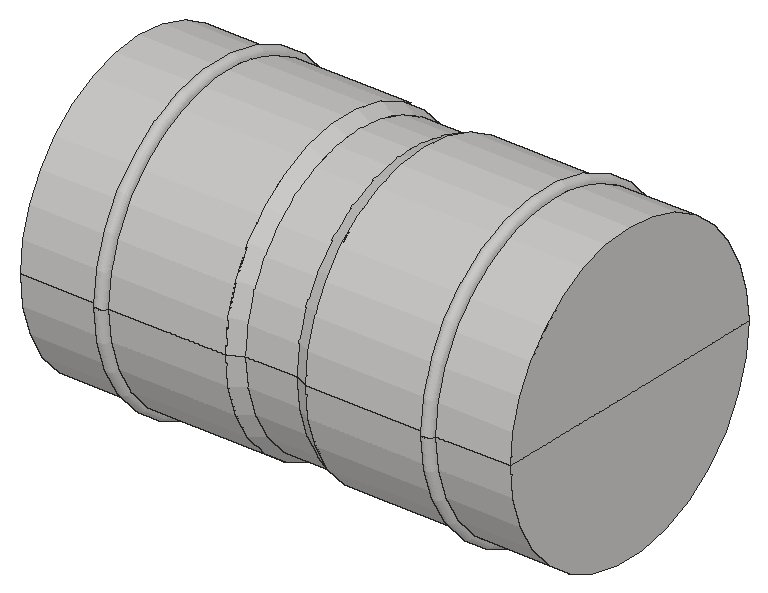
Revit family "StraightConnector-B-Inox-Conex-15-54mm-PS5270", category Pipe Fittings, Revit 2019
Family settings
  Round Connector Dimension = Use Diameter
  Part Type = Union
  OmniClass Number = 23.60.30.11.14
  OmniClass Title = Pipework Fittings
  Work Plane-Based = No
  Always vertical = Yes
  Cut with Voids When Loaded = No
  Shared = No
Parameters (values of type "Standard")
  Z [instance] = size_lookup(Lookup Table Name, "Z", L / 15, NominalDiameter)  # 16.00 mm
  Weight_KG/Ea [instance] = size_lookup(Lookup Table Name, "WT", 0, NominalDiameter)  # 0.255
  Uniformat IIElements = "TBC"
  URL = "http://www.conexbanninger.com/search.php?brands_id=34"
  Type Comments = "TBC"
  SerialNumber [instance] = ""
  RingThickness = 2.50 mm  # constant formula
  RingCenter [instance] = L / 6  # 16.333 mm
  RingRadius [instance] = Z / 2  # 8.00 mm
  ProductCode [instance] = if(NominalDiameter = 15.00 mm, "PS 5270 0150000", if(NominalDiameter = 18.00 mm, "PS 5270 0180000", if(NominalDiameter = 22.00 mm, "PS 5270 0220000", if(NominalDiameter = 28.00 mm, "PS 5270 0280000", if(NominalDiameter = 35.00 mm, "PS 5270 0350000", if(NominalDiameter = 42.00 mm, "PS 5270 0420000", if(NominalDiameter = 54.00 mm, "PS 5270 0540000", "ProductCode NA")))))))  # "PS 5270 0540000"
  OmniclassProducts = "TBC"
  NominalDiameter [instance] = 54.00 mm
  NATSPECWorkSection = "TBC"
  ModifiedIssue_ANZRS = 20161226.54  # constant formula
  Model Version = "2015"
  Model Status [instance] = ""
  Model Specification = "BMA"
  Model = "Straight Connector"  # constant formula
  Material = Stainless Steel AISI 317
  Mark [instance] = ""
  Manufacturer = "Conex | Bänninger"  # constant formula
  Loss Method = Not Defined
  Lookup Table Name = "StraightConnector-B-Inox-Conex-15-54mm-PS5270"
  L [instance] = size_lookup(Lookup Table Name, "L", NominalDiameter * 1.5, NominalDiameter)  # 98.00 mm
  K Coefficient Table = "Reducer/Coupling/Union/Increaser"
  built-in parameter 1114238 [instance] = not(0.00 mm < size_lookup(Lookup Table Name, "L", 0.00 mm, NominalDiameter))  # (empty or 0)
  FittingOutsideDiameter [instance] = NominalDiameter * 1.1  # 59.40 mm
  FinalHHWFlow [instance] = 0.0 L/s
  Description = ">B< Press Inox is a quick and simple to install flame-free fitting, manufactured using high quality hygienic stainless steel materials, suitable for multiple applications."  # constant formula
  CustomFitting [instance] = not(0.00 mm < size_lookup(Lookup Table Name, "L", 0.00 mm, NominalDiameter))  # no
  CreatedBy_ANZRS = "A2K Technologies"  # constant formula
  CreatedByURL_ANZRS = "http://www.bimmepaus.com.au/"
  Assembly Code = "D2090800"
Reference planes
  plane 1 "Center (Front/Back)": y = 0
  plane 2: z = 0
  plane 3 "Center (Left/Right)": x = 0
  plane 4 "Right": x = 49
  plane 5 "Left": x = -49
  plane 6: y = 29.7
  plane 7: y = -29.7
  plane 8: x = -32.667
  plane 9: x = 32.667
  plane 10: y = 27
  plane 11: y = -27
  plane 12: y = 29.7
  plane 13: x = -8
  plane 14: x = 8
Forms (mm)
  Revolve 1, solid, material "Stainless Steel AISI 317" <- "Material", detail levels fine
    sketch origin (0, 0, 0) x (1, 0, 0) y (0, 1, 0)
      loop
        line (-49, 0) -> (49, 0) -> (49, 29.7) -> (8, 29.7) -> (5.105, 28.35) -> (-5.105, 28.35) -> (-8, 29.7) -> (-49, 29.7) -> (-49, 0)
      axis (-49, 0) -> (49, 0)
    angle from 0 to 360
  Revolve 2, solid, material "Stainless Steel AISI 317" <- "Material", detail levels fine
    sketch origin (0, 0, 0) x (1, 0, 0) y (0, 1, 0)
      loop
        line (-33.917, 0) -> (-31.417, 0) -> (-31.417, 29.7)
        arc (-31.417, 29.7) -> (-32.667, 30.95) -> (-33.917, 29.7) r 1.25
        line (-33.917, 29.7) -> (-33.917, 0)
      loop
        line (31.417, 0) -> (33.917, 0) -> (33.917, 29.7)
        arc (33.917, 29.7) -> (32.667, 30.95) -> (31.417, 29.7) r 1.25
        line (31.417, 29.7) -> (31.417, 0)
      axis (-33.917, 0) -> (33.917, 0)
    angle from 0 to 360
Cuts and joins
  joined: Revolve 1, Revolve 2
Lines and regions (mm)
  model lines, detail levels coarse+medium
    curve 1: line (-8, 0, 0) -> (8, 0, 0)
    curve 2: line (-49, 27, 0) -> (-8, 27, 0)
    curve 3: line (-8, -27, 0) -> (-49, -27, 0)
    curve 4: line (-8, 27, 0) -> (-8, -27, 0)
    curve 5: line (8, 27, 0) -> (49, 27, 0)
    curve 6: line (8, -27, 0) -> (8, 27, 0)
    curve 7: line (49, -27, 0) -> (8, -27, 0)
Dimensions and locks
  "L": plane 5 "Left" to plane 4 "Right"
  equal spacing: plane 5 "Left", plane 3 "Center (Left/Right)", plane 4 "Right"
  equal spacing: plane 6, plane 1 "Center (Front/Back)", plane 7
  "RingCenter": plane 9 to plane 4 "Right"
  "RingCenter": plane 5 "Left" to plane 8
  equal spacing: plane 10, plane 1 "Center (Front/Back)", plane 11
  "NominalDiameter": plane 10 to plane 11
  equal spacing: plane 13, plane 3 "Center (Left/Right)", plane 14
  "Z": plane 13 to plane 14
  locked: connector elem to plane 2 at 0
  locked: connector elem to plane 1 "Center (Front/Back)"  (x2)
  locked: connector elem to plane 2
  equal spacing: Revolve 1 sketch curve, plane 3 "Center (Left/Right)", Revolve 1 sketch curve
  equal spacing: plane 12, Revolve 1 sketch curve, plane 10
  equal spacing: Revolve 2 sketch curve, plane 8, Revolve 2 sketch curve
  "RingThickness": Revolve 2 sketch curve to Revolve 2 sketch curve  (x2)
  equal spacing: Revolve 2 sketch curve, plane 9, Revolve 2 sketch curve
  "FittingOutsideDiameter": plane 6 to plane 7
  "RingThickness": diameter of Revolve 2 sketch curve  (x2)
  angle plane 13 to Revolve 1 sketch curve = 65.00°
  angle Revolve 1 sketch curve to plane 14 = 65.00°
  aligned and locked: plane 2 to level
  aligned and locked: Revolve 1 sketch curve to plane 1 "Center (Front/Back)"
  aligned and locked: Revolve 1 sketch curve to plane 5 "Left"
  aligned and locked: plane 1 "Center (Front/Back)" to Revolve 1 sketch curve
  aligned and locked: Revolve 1 sketch curve to plane 4 "Right"
  aligned and locked: Revolve 1 sketch curve to plane 12
  aligned and locked: plane 1 "Center (Front/Back)" to curve 1
  aligned and locked: curve 2 to plane 10
  aligned and locked: plane 11 to curve 3
  aligned and locked: curve 4 to plane 13
  aligned and locked: plane 5 "Left" to curve 2
  aligned and locked: plane 5 "Left" to curve 3
  aligned and locked: curve 5 to plane 10
  aligned and locked: plane 14 to curve 6
  aligned and locked: plane 11 to curve 7
  aligned and locked: plane 4 "Right" to curve 5
  aligned and locked: plane 4 "Right" to curve 7
  aligned and locked: plane 12 to plane 6
  aligned and locked: plane 12 to Revolve 2 sketch curve  (x2)
  aligned and locked: plane 1 "Center (Front/Back)" to Revolve 2 sketch curve  (x3)
Automatic sketch dimensions
  Revolve 2 sketch curve to plane 13 = 15.00 mm
  Revolve 2 sketch curve to Revolve 2 sketch curve = 12.00 mm
  Revolve 1 sketch curve to plane 13 = 0.00 mm
  Revolve 1 sketch curve to plane 6 = 0.00 mm
  Revolve 1 sketch curve to Revolve 1 sketch curve = 40.00 mm
  Revolve 1 sketch curve to Revolve 1 sketch curve = 50.00 mm
Connectors
  piping at (-8, 0, 0), diameter 54, driven by "NominalDiameter"
    settings: on plane 13, index 1, connector inside diameter 609.6 mm, connector length 0.00 mm, flow factor 0, pipe flow 0.0 L/s, pressure drop 0.0 Pa, fitting loss kfactor 0, connector angle 0.00°, fixture units 0, engagement length 0.00 mm, angle of deflection 0.00°, flow configuration 0, flow direction 0, fitting loss method 0, system type 28, joint type 0, gender type 0, connector reference index 2, connector utility 0, adjustable connector no, is connector primary yes, connector description ""
  piping at (8, 0, 0), diameter 54, driven by "NominalDiameter"
    settings: on plane 14, index 2, connector inside diameter 609.6 mm, connector length 0.00 mm, flow factor 0, pipe flow 0.0 L/s, pressure drop 0.0 Pa, fitting loss kfactor 0, connector angle 0.00°, fixture units 0, engagement length 0.00 mm, angle of deflection 0.00°, flow configuration 0, flow direction 0, fitting loss method 0, system type 28, joint type 0, gender type 0, connector reference index 1, connector utility 0, adjustable connector no, is connector primary no, connector description ""
